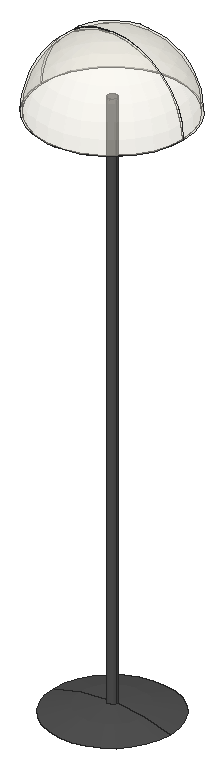
Revit family "0689549a59b3495b9f96bec9b249d44c", category Lighting Fixtures, Revit 2021
Family settings
  Round Connector Dimension = Use Diameter
  Part Type = Normal
  OmniClass Number = 23.80.70.11.11
  OmniClass Title = General Luminaries, Non Directional
  Seek Item ID = Floor Lamp - Hemispheric-0000-USA-ENU
  Work Plane-Based = No
  Always vertical = Yes
  Cut with Voids When Loaded = No
  Light Source = Yes
  Shared = No
  Room Calculation Point = No
Parameters (values of type "60W - 277V")
  Wattage = 60 W
  built-in parameter 1150110 = 1 (stored number, unit not read)
  built-in parameter 1114217 = 1 (stored number, unit not read)
  built-in parameter 1150109 = 1 (stored number, unit not read)
  built-in parameter 1150134 = 4
  built-in parameter 1150113 = 1 (stored number, unit not read)
  Tilt Angle = 90.00°
  Photometric Web File = "CLFR1A19.ies"
  built-in parameter 1150115 = 1 (stored number, unit not read)
  built-in parameter 1150105 = 68.039 (stored number, unit not read)
  Load Classification = Lighting - Dwelling Unit
  built-in parameter 1150137 = 1
  built-in parameter 1150139 = (empty or 0)
  built-in parameter 1150112 = 1 (stored number, unit not read)
  built-in parameter 1150114 = 1 (stored number, unit not read)
  built-in parameter 1150132 = (empty or 0)
  built-in parameter 1150102 = (empty or 0)
  built-in parameter 1150138 = (empty or 0)
  built-in parameter 1150107 = 2800 (stored number, unit not read)
  built-in parameter 1150106 = 0.68039 (stored number, unit not read)
  built-in parameter 1150104 = 1.3239 (stored number, unit not read)
  Dimming Lamp Color Temperature Shift = <None>
  Default Elevation = 0' - 0"
  Color Filter = 16777215
  Ballast Voltage = 277 V
  Ballast Number of Poles = 1
  built-in parameter 1114218 = 1 (stored number, unit not read)
  built-in parameter 1150133 = 10 (stored number, unit not read)
  Assembly Code = "D5020220"
  Lamp = "A-19"
  Lumens = 855 lm
  Shade = Glass, Frosted
  Stand = Steel, Chrome Plated
  Wattage Comments = "60"
  Apparent Load = 60 VA
Types (5): name | Wattage | Photometric Web File | built-in parameter 1150105 | built-in parameter 1150106 | built-in parameter 1150104 | Ballast Voltage | Lumens | Wattage Comments | Apparent Load
  (no name) | 60 W | "CLFR1A19.ies" | 68.039 (stored number, unit not read) | 0.68039 (stored number, unit not read) | 1.3239 (stored number, unit not read) | 277 V | 855 lm | "60" | 60 VA
  60W - 120V | 60 W | "CLFR1A19.ies" | 68.039 (stored number, unit not read) | 0.68039 (stored number, unit not read) | 1.3239 (stored number, unit not read) | 120 V | 855 lm | "60" | 60 VA
  60W - 277V | 60 W | "CLFR1A19.ies" | 68.039 (stored number, unit not read) | 0.68039 (stored number, unit not read) | 1.3239 (stored number, unit not read) | 277 V | 855 lm | "60" | 60 VA
  100W - 120V | 100 W | "FLH1A19.IES" | 139.26 (stored number, unit not read) | 1.3926 (stored number, unit not read) | 1.6258 (stored number, unit not read) | 120 V | 1750 lm | "100" | 100 VA
  100W - 277V | 100 W | "FLH1A19.IES" | 139.26 (stored number, unit not read) | 1.3926 (stored number, unit not read) | 1.6258 (stored number, unit not read) | 277 V | 1750 lm | "100" | 100 VA
Reference planes (in)
  plane 1 "Light Source Axis": y = 0
  plane 2: z = 0
  plane 3 "Light Source Axis": x = 0
  plane 4 "Light Source Elevation": z = 65
Forms (in)
  Extrusion 1, solid, material "Steel, Chrome Plated" <- "Stand"
    sketch origin (0, 0, 0) x (1, 0, 0) y (0, 1, 0)
      loop
        circle (0, 0) r 0.5
    from 1 to 61
  Revolve 2, solid, material "Steel, Chrome Plated" <- "Stand"
    sketch origin (0, 0, 0) x (1, 0, 0) y (0, 0, 1)
      loop
        line (0.5, 1) -> (0.5, 0) -> (6.5, 0)
        arc (6.5, 0) -> (3.5318, 0.6908) -> (0.5, 1) r 24.00734
      axis (0, 1) -> (0, 0)
    angle from 0 to 360
  Revolve 3, solid, material "Glass, Frosted" <- "Shade"
    sketch origin (0, 0, 4.46509) x (1, 0, 0) y (0, 0, 1)
      loop
        arc (7.96577, 55) -> (5.63294, 60.64149) -> (0, 62.9949) r 8
        line (0, 62.9949) -> (0, 62.75567)
        arc (0, 62.75567) -> (5.50097, 60.4941) -> (7.7792, 55) r 7.75
        line (7.7792, 55) -> (7.96577, 55)
      axis (0, 62.9949) -> (0, 55)
    angle from 0 to 360
Lines and regions (in)
  Masking region 1
    outline origin (0, 0, 0) x (1, 0, 0) y (0, 1, 0)
      loop
        circle (0, 0) r 8
  symbolic lines
    curve 1: arc (8, 0, 0) -> (0, 8, 0) -> (-8, 0, 0) r 8
    curve 2: arc (-8, 0, 0) -> (0, -8, 0) -> (8, 0, 0) r 8
    curve 3: arc (0.5, 0, 0) -> (0, 0.5, 0) -> (-0.5, 0, 0) r 0.5
    curve 4: arc (-0.5, 0, 0) -> (0, -0.5, 0) -> (0.5, 0, 0) r 0.5
    curve 5: arc (6.5, 0, 0) -> (0, 6.5, 0) -> (-6.5, 0, 0) r 6.5
    curve 6: arc (-6.5, 0, 0) -> (0, -6.5, 0) -> (6.5, 0, 0) r 6.5
Dimensions and locks (in)
  aligned and locked: Masking region 1 sketch curve to curve 1
  aligned and locked: plane 3 "Light Source Axis" to imposter light
  aligned and locked: plane 1 "Light Source Axis" to imposter light
  aligned and locked: plane 4 "Light Source Elevation" to imposter light
Connectors (in)
  electrical at (0, 0, 61), driven by "Ballast Number of Poles", driven by "Ballast Voltage", driven by "Apparent Load", driven by "Load Classification"
    settings: on Extrusion 1, index 1, voltage 277 V, apparent load 0 VA, apparent load phase1 60 VA, apparent load phase2 0 VA, apparent load phase3 0 VA, power factor 0.95, load classification "Lighting - Dwelling Unit", number of poles 1, system type 31, power factor state 1, is connector primary yes, connector utility no, sub classification motor no, connector description ""
